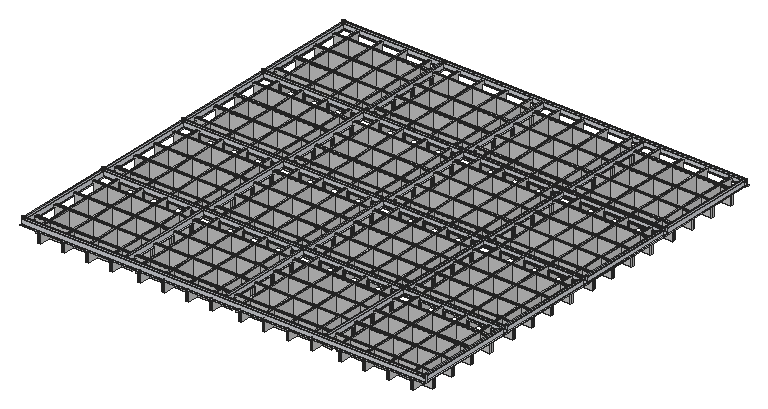
Revit family "GRD-WFL-001_RFA", category Modelos genéricos, Revit 2022 (continued)
Forms (in)
  Extrusion 233, solid, not visible
    sketch origin (0, 24, 0) x (0, 1, 0) y (0, 0, 1)
      loop
        arc (0.44023, 1.66266) -> (0.45258, 1.69248) -> (0.4824, 1.70483) r 0.04217
        line (0.4824, 1.70483) -> (0.52333, 1.70483)
        arc (0.52333, 1.70483) -> (0.54049, 1.71194) -> (0.54761, 1.7291) r 0.02428
        line (0.54761, 1.7291) -> (0.54761, 2.15016) -> (0.45704, 2.24072)
        arc (0.45704, 2.24072) -> (0.44027, 2.24767) -> (0.42351, 2.24072) r 0.02371
        line (0.42351, 2.24072) -> (0.33294, 2.15016) -> (0.33294, 1.7291)
    from 0 to 96.9361
  Extrusion 234, solid, not visible
    sketch origin (0, 48, 0) x (0, 1, 0) y (0, 0, 1)
      loop
        line (0.42221, 1.66259) -> (0.42231, 0.67354)
        arc (0.42231, 0.67354) -> (0.41009, 0.64403) -> (0.38057, 0.6318) r 0.04174
        line (0.38057, 0.6318) -> (-0.00639, 0.6318) -> (-0.00639, 0.59057) -> (0.8874, 0.59057) -> (0.8874, 0.6318) -> (0.49998, 0.6318)
        arc (0.49998, 0.6318) -> (0.47046, 0.64403) -> (0.45824, 0.67354) r 0.04174
        line (0.45824, 0.67354) -> (0.45834, 1.66259)
        arc (0.45834, 1.66259) -> (0.46543, 1.67969) -> (0.48252, 1.68677) r 0.02418
        line (0.48252, 1.68677) -> (0.52252, 1.68677)
        arc (0.52252, 1.68677) -> (0.55303, 1.69941) -> (0.56566, 1.72991) r 0.04314
        line (0.56566, 1.72991) -> (0.56566, 2.14095)
        arc (0.56566, 2.14095) -> (0.5626, 2.15637) -> (0.55386, 2.16944) r 0.04029
        line (0.55386, 2.16944) -> (0.47053, 2.25277)
        arc (0.47053, 2.25277) -> (0.44027, 2.2653) -> (0.41002, 2.25277) r 0.04279
        line (0.41002, 2.25277) -> (0.32669, 2.16944)
        arc (0.32669, 2.16944) -> (0.31795, 2.15637) -> (0.31489, 2.14095) r 0.04029
        line (0.31489, 2.14095) -> (0.31489, 1.72991)
        arc (0.31489, 1.72991) -> (0.32752, 1.69941) -> (0.35803, 1.68677) r 0.04314
        line (0.35803, 1.68677) -> (0.39803, 1.68677)
        arc (0.39803, 1.68677) -> (0.41512, 1.67969) -> (0.42221, 1.66259) r 0.02418
      loop
        arc (0.33294, 1.7291) -> (0.34005, 1.71194) -> (0.35722, 1.70483) r 0.02428
        line (0.35722, 1.70483) -> (0.39815, 1.70483)
        arc (0.39815, 1.70483) -> (0.42797, 1.69248) -> (0.44023, 1.66266) r 0.04217
        arc (0.44023, 1.66266) -> (0.45258, 1.69248) -> (0.4824, 1.70483) r 0.04217
        line (0.4824, 1.70483) -> (0.52333, 1.70483)
        arc (0.52333, 1.70483) -> (0.54049, 1.71194) -> (0.54761, 1.7291) r 0.02428
        line (0.54761, 1.7291) -> (0.54761, 2.15016) -> (0.45704, 2.24072)
        arc (0.45704, 2.24072) -> (0.44027, 2.24767) -> (0.42351, 2.24072) r 0.02371
        line (0.42351, 2.24072) -> (0.33294, 2.15016) -> (0.33294, 1.7291)
    from 0 to 96.9361
  Extrusion 235, solid, not visible
    sketch origin (0, 72, 0) x (0, 1, 0) y (0, 0, 1)
      loop
        line (0.42221, 1.66259) -> (0.42231, 0.67354)
        arc (0.42231, 0.67354) -> (0.41009, 0.64403) -> (0.38057, 0.6318) r 0.04174
        line (0.38057, 0.6318) -> (-0.00639, 0.6318) -> (-0.00639, 0.59057) -> (0.8874, 0.59057) -> (0.8874, 0.6318) -> (0.49998, 0.6318)
        arc (0.49998, 0.6318) -> (0.47046, 0.64403) -> (0.45824, 0.67354) r 0.04174
        line (0.45824, 0.67354) -> (0.45834, 1.66259)
        arc (0.45834, 1.66259) -> (0.46543, 1.67969) -> (0.48252, 1.68677) r 0.02418
        line (0.48252, 1.68677) -> (0.52252, 1.68677)
        arc (0.52252, 1.68677) -> (0.55303, 1.69941) -> (0.56566, 1.72991) r 0.04314
        line (0.56566, 1.72991) -> (0.56566, 2.14095)
        arc (0.56566, 2.14095) -> (0.5626, 2.15637) -> (0.55386, 2.16944) r 0.04029
        line (0.55386, 2.16944) -> (0.47053, 2.25277)
        arc (0.47053, 2.25277) -> (0.44027, 2.2653) -> (0.41002, 2.25277) r 0.04279
        line (0.41002, 2.25277) -> (0.32669, 2.16944)
        arc (0.32669, 2.16944) -> (0.31795, 2.15637) -> (0.31489, 2.14095) r 0.04029
        line (0.31489, 2.14095) -> (0.31489, 1.72991)
        arc (0.31489, 1.72991) -> (0.32752, 1.69941) -> (0.35803, 1.68677) r 0.04314
        line (0.35803, 1.68677) -> (0.39803, 1.68677)
        arc (0.39803, 1.68677) -> (0.41512, 1.67969) -> (0.42221, 1.66259) r 0.02418
      loop
        arc (0.33294, 1.7291) -> (0.34005, 1.71194) -> (0.35722, 1.70483) r 0.02428
        line (0.35722, 1.70483) -> (0.39815, 1.70483)
        arc (0.39815, 1.70483) -> (0.42797, 1.69248) -> (0.44023, 1.66266) r 0.04217
        arc (0.44023, 1.66266) -> (0.45258, 1.69248) -> (0.4824, 1.70483) r 0.04217
        line (0.4824, 1.70483) -> (0.52333, 1.70483)
        arc (0.52333, 1.70483) -> (0.54049, 1.71194) -> (0.54761, 1.7291) r 0.02428
        line (0.54761, 1.7291) -> (0.54761, 2.15016) -> (0.45704, 2.24072)
        arc (0.45704, 2.24072) -> (0.44027, 2.24767) -> (0.42351, 2.24072) r 0.02371
        line (0.42351, 2.24072) -> (0.33294, 2.15016) -> (0.33294, 1.7291)
    from 0 to 96.9361
  Extrusion 236, solid, not visible
    sketch origin (0, 96, 0) x (0, 1, 0) y (0, 0, 1)
      loop
        line (0.42221, 1.66259) -> (0.42231, 0.67354)
        arc (0.42231, 0.67354) -> (0.41009, 0.64403) -> (0.38057, 0.6318) r 0.04174
        line (0.38057, 0.6318) -> (-0.00639, 0.6318) -> (-0.00639, 0.59057) -> (0.8874, 0.59057) -> (0.8874, 0.6318) -> (0.49998, 0.6318)
        arc (0.49998, 0.6318) -> (0.47046, 0.64403) -> (0.45824, 0.67354) r 0.04174
        line (0.45824, 0.67354) -> (0.45834, 1.66259)
        arc (0.45834, 1.66259) -> (0.46543, 1.67969) -> (0.48252, 1.68677) r 0.02418
        line (0.48252, 1.68677) -> (0.52252, 1.68677)
        arc (0.52252, 1.68677) -> (0.55303, 1.69941) -> (0.56566, 1.72991) r 0.04314
        line (0.56566, 1.72991) -> (0.56566, 2.14095)
        arc (0.56566, 2.14095) -> (0.5626, 2.15637) -> (0.55386, 2.16944) r 0.04029
        line (0.55386, 2.16944) -> (0.47053, 2.25277)
        arc (0.47053, 2.25277) -> (0.44027, 2.2653) -> (0.41002, 2.25277) r 0.04279
        line (0.41002, 2.25277) -> (0.32669, 2.16944)
        arc (0.32669, 2.16944) -> (0.31795, 2.15637) -> (0.31489, 2.14095) r 0.04029
        line (0.31489, 2.14095) -> (0.31489, 1.72991)
        arc (0.31489, 1.72991) -> (0.32752, 1.69941) -> (0.35803, 1.68677) r 0.04314
        line (0.35803, 1.68677) -> (0.39803, 1.68677)
        arc (0.39803, 1.68677) -> (0.41512, 1.67969) -> (0.42221, 1.66259) r 0.02418
      loop
        arc (0.33294, 1.7291) -> (0.34005, 1.71194) -> (0.35722, 1.70483) r 0.02428
        line (0.35722, 1.70483) -> (0.39815, 1.70483)
        arc (0.39815, 1.70483) -> (0.42797, 1.69248) -> (0.44023, 1.66266) r 0.04217
        arc (0.44023, 1.66266) -> (0.45258, 1.69248) -> (0.4824, 1.70483) r 0.04217
        line (0.4824, 1.70483) -> (0.52333, 1.70483)
        arc (0.52333, 1.70483) -> (0.54049, 1.71194) -> (0.54761, 1.7291) r 0.02428
        line (0.54761, 1.7291) -> (0.54761, 2.15016) -> (0.45704, 2.24072)
        arc (0.45704, 2.24072) -> (0.44027, 2.24767) -> (0.42351, 2.24072) r 0.02371
        line (0.42351, 2.24072) -> (0.33294, 2.15016) -> (0.33294, 1.7291)
    from 0 to 96.9361
  Extrusion 237, solid, not visible
    sketch origin (48.02754, 154.90856, 0) x (1, 0, 0) y (0, 0, 1)
      loop
        line (0.42221, 1.66259) -> (0.42231, 0.67354)
        arc (0.42231, 0.67354) -> (0.41009, 0.64403) -> (0.38057, 0.6318) r 0.04174
        line (0.38057, 0.6318) -> (-0.00639, 0.6318) -> (-0.00639, 0.59057) -> (0.8874, 0.59057) -> (0.8874, 0.6318) -> (0.49998, 0.6318)
        arc (0.49998, 0.6318) -> (0.47046, 0.64403) -> (0.45824, 0.67354) r 0.04174
        line (0.45824, 0.67354) -> (0.45834, 1.66259)
        arc (0.45834, 1.66259) -> (0.46543, 1.67969) -> (0.48252, 1.68677) r 0.02418
        line (0.48252, 1.68677) -> (0.52252, 1.68677)
        arc (0.52252, 1.68677) -> (0.55303, 1.69941) -> (0.56566, 1.72991) r 0.04314
        line (0.56566, 1.72991) -> (0.56566, 2.14095)
        arc (0.56566, 2.14095) -> (0.5626, 2.15637) -> (0.55386, 2.16944) r 0.04029
        line (0.55386, 2.16944) -> (0.47053, 2.25277)
        arc (0.47053, 2.25277) -> (0.44027, 2.2653) -> (0.41002, 2.25277) r 0.04279
        line (0.41002, 2.25277) -> (0.32669, 2.16944)
        arc (0.32669, 2.16944) -> (0.31795, 2.15637) -> (0.31489, 2.14095) r 0.04029
        line (0.31489, 2.14095) -> (0.31489, 1.72991)
        arc (0.31489, 1.72991) -> (0.32752, 1.69941) -> (0.35803, 1.68677) r 0.04314
        line (0.35803, 1.68677) -> (0.39803, 1.68677)
        arc (0.39803, 1.68677) -> (0.41512, 1.67969) -> (0.42221, 1.66259) r 0.02418
      loop
        arc (0.33294, 1.7291) -> (0.34005, 1.71194) -> (0.35722, 1.70483) r 0.02428
        line (0.35722, 1.70483) -> (0.39815, 1.70483)
        arc (0.39815, 1.70483) -> (0.42797, 1.69248) -> (0.44023, 1.66266) r 0.04217
        arc (0.44023, 1.66266) -> (0.45258, 1.69248) -> (0.4824, 1.70483) r 0.04217
        line (0.4824, 1.70483) -> (0.52333, 1.70483)
        arc (0.52333, 1.70483) -> (0.54049, 1.71194) -> (0.54761, 1.7291) r 0.02428
        line (0.54761, 1.7291) -> (0.54761, 2.15016) -> (0.45704, 2.24072)
        arc (0.45704, 2.24072) -> (0.44027, 2.24767) -> (0.42351, 2.24072) r 0.02371
        line (0.42351, 2.24072) -> (0.33294, 2.15016) -> (0.33294, 1.7291)
    from 58.93614 to 81.99864
  Extrusion 238, solid, not visible
    sketch origin (72.02767, 154.90856, 0) x (1, 0, 0) y (0, 0, 1)
      loop
        line (0.42221, 1.66259) -> (0.42231, 0.67354)
        arc (0.42231, 0.67354) -> (0.41009, 0.64403) -> (0.38057, 0.6318) r 0.04174
        line (0.38057, 0.6318) -> (-0.00639, 0.6318) -> (-0.00639, 0.59057) -> (0.8874, 0.59057) -> (0.8874, 0.6318) -> (0.49998, 0.6318)
        arc (0.49998, 0.6318) -> (0.47046, 0.64403) -> (0.45824, 0.67354) r 0.04174
        line (0.45824, 0.67354) -> (0.45834, 1.66259)
        arc (0.45834, 1.66259) -> (0.46543, 1.67969) -> (0.48252, 1.68677) r 0.02418
        line (0.48252, 1.68677) -> (0.52252, 1.68677)
        arc (0.52252, 1.68677) -> (0.55303, 1.69941) -> (0.56566, 1.72991) r 0.04314
        line (0.56566, 1.72991) -> (0.56566, 2.14095)
        arc (0.56566, 2.14095) -> (0.5626, 2.15637) -> (0.55386, 2.16944) r 0.04029
        line (0.55386, 2.16944) -> (0.47053, 2.25277)
        arc (0.47053, 2.25277) -> (0.44027, 2.2653) -> (0.41002, 2.25277) r 0.04279
        line (0.41002, 2.25277) -> (0.32669, 2.16944)
        arc (0.32669, 2.16944) -> (0.31795, 2.15637) -> (0.31489, 2.14095) r 0.04029
        line (0.31489, 2.14095) -> (0.31489, 1.72991)
        arc (0.31489, 1.72991) -> (0.32752, 1.69941) -> (0.35803, 1.68677) r 0.04314
        line (0.35803, 1.68677) -> (0.39803, 1.68677)
        arc (0.39803, 1.68677) -> (0.41512, 1.67969) -> (0.42221, 1.66259) r 0.02418
      loop
        arc (0.33294, 1.7291) -> (0.34005, 1.71194) -> (0.35722, 1.70483) r 0.02428
        line (0.35722, 1.70483) -> (0.39815, 1.70483)
        arc (0.39815, 1.70483) -> (0.42797, 1.69248) -> (0.44023, 1.66266) r 0.04217
        arc (0.44023, 1.66266) -> (0.45258, 1.69248) -> (0.4824, 1.70483) r 0.04217
        line (0.4824, 1.70483) -> (0.52333, 1.70483)
        arc (0.52333, 1.70483) -> (0.54049, 1.71194) -> (0.54761, 1.7291) r 0.02428
        line (0.54761, 1.7291) -> (0.54761, 2.15016) -> (0.45704, 2.24072)
        arc (0.45704, 2.24072) -> (0.44027, 2.24767) -> (0.42351, 2.24072) r 0.02371
        line (0.42351, 2.24072) -> (0.33294, 2.15016) -> (0.33294, 1.7291)
    from 58.93614 to 81.99864
  Extrusion 239, solid, not visible
    sketch origin (96.02767, 154.90856, 0) x (1, 0, 0) y (0, 0, 1)
      loop
        line (0.42221, 1.66259) -> (0.42231, 0.67354)
        arc (0.42231, 0.67354) -> (0.41009, 0.64403) -> (0.38057, 0.6318) r 0.04174
        line (0.38057, 0.6318) -> (-0.00639, 0.6318) -> (-0.00639, 0.59057) -> (0.8874, 0.59057) -> (0.8874, 0.6318) -> (0.49998, 0.6318)
        arc (0.49998, 0.6318) -> (0.47046, 0.64403) -> (0.45824, 0.67354) r 0.04174
        line (0.45824, 0.67354) -> (0.45834, 1.66259)
        arc (0.45834, 1.66259) -> (0.46543, 1.67969) -> (0.48252, 1.68677) r 0.02418
        line (0.48252, 1.68677) -> (0.52252, 1.68677)
        arc (0.52252, 1.68677) -> (0.55303, 1.69941) -> (0.56566, 1.72991) r 0.04314
        line (0.56566, 1.72991) -> (0.56566, 2.14095)
        arc (0.56566, 2.14095) -> (0.5626, 2.15637) -> (0.55386, 2.16944) r 0.04029
        line (0.55386, 2.16944) -> (0.47053, 2.25277)
        arc (0.47053, 2.25277) -> (0.44027, 2.2653) -> (0.41002, 2.25277) r 0.04279
        line (0.41002, 2.25277) -> (0.32669, 2.16944)
        arc (0.32669, 2.16944) -> (0.31795, 2.15637) -> (0.31489, 2.14095) r 0.04029
        line (0.31489, 2.14095) -> (0.31489, 1.72991)
        arc (0.31489, 1.72991) -> (0.32752, 1.69941) -> (0.35803, 1.68677) r 0.04314
        line (0.35803, 1.68677) -> (0.39803, 1.68677)
        arc (0.39803, 1.68677) -> (0.41512, 1.67969) -> (0.42221, 1.66259) r 0.02418
      loop
        arc (0.33294, 1.7291) -> (0.34005, 1.71194) -> (0.35722, 1.70483) r 0.02428
        line (0.35722, 1.70483) -> (0.39815, 1.70483)
        arc (0.39815, 1.70483) -> (0.42797, 1.69248) -> (0.44023, 1.66266) r 0.04217
        arc (0.44023, 1.66266) -> (0.45258, 1.69248) -> (0.4824, 1.70483) r 0.04217
        line (0.4824, 1.70483) -> (0.52333, 1.70483)
        arc (0.52333, 1.70483) -> (0.54049, 1.71194) -> (0.54761, 1.7291) r 0.02428
        line (0.54761, 1.7291) -> (0.54761, 2.15016) -> (0.45704, 2.24072)
        arc (0.45704, 2.24072) -> (0.44027, 2.24767) -> (0.42351, 2.24072) r 0.02371
        line (0.42351, 2.24072) -> (0.33294, 2.15016) -> (0.33294, 1.7291)
    from 58.93614 to 81.99864
  Extrusion 240, solid, not visible
    sketch origin (24.02767, 154.90856, 0) x (1, 0, 0) y (0, 0, 1)
      loop
        line (0.42221, 1.66259) -> (0.42231, 0.67354)
        arc (0.42231, 0.67354) -> (0.41009, 0.64403) -> (0.38057, 0.6318) r 0.04174
        line (0.38057, 0.6318) -> (-0.00639, 0.6318) -> (-0.00639, 0.59057) -> (0.8874, 0.59057) -> (0.8874, 0.6318) -> (0.49998, 0.6318)
        arc (0.49998, 0.6318) -> (0.47046, 0.64403) -> (0.45824, 0.67354) r 0.04174
        line (0.45824, 0.67354) -> (0.45834, 1.66259)
        arc (0.45834, 1.66259) -> (0.46543, 1.67969) -> (0.48252, 1.68677) r 0.02418
        line (0.48252, 1.68677) -> (0.52252, 1.68677)
        arc (0.52252, 1.68677) -> (0.55303, 1.69941) -> (0.56566, 1.72991) r 0.04314
        line (0.56566, 1.72991) -> (0.56566, 2.14095)
        arc (0.56566, 2.14095) -> (0.5626, 2.15637) -> (0.55386, 2.16944) r 0.04029
        line (0.55386, 2.16944) -> (0.47053, 2.25277)
        arc (0.47053, 2.25277) -> (0.44027, 2.2653) -> (0.41002, 2.25277) r 0.04279
        line (0.41002, 2.25277) -> (0.32669, 2.16944)
        arc (0.32669, 2.16944) -> (0.31795, 2.15637) -> (0.31489, 2.14095) r 0.04029
        line (0.31489, 2.14095) -> (0.31489, 1.72991)
        arc (0.31489, 1.72991) -> (0.32752, 1.69941) -> (0.35803, 1.68677) r 0.04314
        line (0.35803, 1.68677) -> (0.39803, 1.68677)
        arc (0.39803, 1.68677) -> (0.41512, 1.67969) -> (0.42221, 1.66259) r 0.02418
      loop
        arc (0.33294, 1.7291) -> (0.34005, 1.71194) -> (0.35722, 1.70483) r 0.02428
        line (0.35722, 1.70483) -> (0.39815, 1.70483)
        arc (0.39815, 1.70483) -> (0.42797, 1.69248) -> (0.44023, 1.66266) r 0.04217
        arc (0.44023, 1.66266) -> (0.45258, 1.69248) -> (0.4824, 1.70483) r 0.04217
        line (0.4824, 1.70483) -> (0.52333, 1.70483)
        arc (0.52333, 1.70483) -> (0.54049, 1.71194) -> (0.54761, 1.7291) r 0.02428
        line (0.54761, 1.7291) -> (0.54761, 2.15016) -> (0.45704, 2.24072)
        arc (0.45704, 2.24072) -> (0.44027, 2.24767) -> (0.42351, 2.24072) r 0.02371
        line (0.42351, 2.24072) -> (0.33294, 2.15016) -> (0.33294, 1.7291)
    from 58.93614 to 81.99864
  Extrusion 241, solid, not visible
    sketch origin (0.02767, 154.90856, 0) x (1, 0, 0) y (0, 0, 1)
      loop
        line (0.42221, 1.66259) -> (0.42231, 0.67354)
        arc (0.42231, 0.67354) -> (0.41009, 0.64403) -> (0.38057, 0.6318) r 0.04174
        line (0.38057, 0.6318) -> (-0.00639, 0.6318) -> (-0.00639, 0.59057) -> (0.8874, 0.59057) -> (0.8874, 0.6318) -> (0.49998, 0.6318)
        arc (0.49998, 0.6318) -> (0.47046, 0.64403) -> (0.45824, 0.67354) r 0.04174
        line (0.45824, 0.67354) -> (0.45834, 1.66259)
        arc (0.45834, 1.66259) -> (0.46543, 1.67969) -> (0.48252, 1.68677) r 0.02418
        line (0.48252, 1.68677) -> (0.52252, 1.68677)
        arc (0.52252, 1.68677) -> (0.55303, 1.69941) -> (0.56566, 1.72991) r 0.04314
        line (0.56566, 1.72991) -> (0.56566, 2.14095)
        arc (0.56566, 2.14095) -> (0.5626, 2.15637) -> (0.55386, 2.16944) r 0.04029
        line (0.55386, 2.16944) -> (0.47053, 2.25277)
        arc (0.47053, 2.25277) -> (0.44027, 2.2653) -> (0.41002, 2.25277) r 0.04279
        line (0.41002, 2.25277) -> (0.32669, 2.16944)
        arc (0.32669, 2.16944) -> (0.31795, 2.15637) -> (0.31489, 2.14095) r 0.04029
        line (0.31489, 2.14095) -> (0.31489, 1.72991)
        arc (0.31489, 1.72991) -> (0.32752, 1.69941) -> (0.35803, 1.68677) r 0.04314
        line (0.35803, 1.68677) -> (0.39803, 1.68677)
        arc (0.39803, 1.68677) -> (0.41512, 1.67969) -> (0.42221, 1.66259) r 0.02418
      loop
        arc (0.33294, 1.7291) -> (0.34005, 1.71194) -> (0.35722, 1.70483) r 0.02428
        line (0.35722, 1.70483) -> (0.39815, 1.70483)
        arc (0.39815, 1.70483) -> (0.42797, 1.69248) -> (0.44023, 1.66266) r 0.04217
        arc (0.44023, 1.66266) -> (0.45258, 1.69248) -> (0.4824, 1.70483) r 0.04217
        line (0.4824, 1.70483) -> (0.52333, 1.70483)
        arc (0.52333, 1.70483) -> (0.54049, 1.71194) -> (0.54761, 1.7291) r 0.02428
        line (0.54761, 1.7291) -> (0.54761, 2.15016) -> (0.45704, 2.24072)
        arc (0.45704, 2.24072) -> (0.44027, 2.24767) -> (0.42351, 2.24072) r 0.02371
        line (0.42351, 2.24072) -> (0.33294, 2.15016) -> (0.33294, 1.7291)
    from 58.93614 to 81.99864
  Extrusion 242, solid, not visible
    sketch origin (48.02754, 130.90855, 0) x (1, 0, 0) y (0, 0, 1)
      loop
        line (0.42221, 1.66259) -> (0.42231, 0.67354)
        arc (0.42231, 0.67354) -> (0.41009, 0.64403) -> (0.38057, 0.6318) r 0.04174
        line (0.38057, 0.6318) -> (-0.00639, 0.6318) -> (-0.00639, 0.59057) -> (0.8874, 0.59057) -> (0.8874, 0.6318) -> (0.49998, 0.6318)
        arc (0.49998, 0.6318) -> (0.47046, 0.64403) -> (0.45824, 0.67354) r 0.04174
        line (0.45824, 0.67354) -> (0.45834, 1.66259)
        arc (0.45834, 1.66259) -> (0.46543, 1.67969) -> (0.48252, 1.68677) r 0.02418
        line (0.48252, 1.68677) -> (0.52252, 1.68677)
        arc (0.52252, 1.68677) -> (0.55303, 1.69941) -> (0.56566, 1.72991) r 0.04314
        line (0.56566, 1.72991) -> (0.56566, 2.14095)
        arc (0.56566, 2.14095) -> (0.5626, 2.15637) -> (0.55386, 2.16944) r 0.04029
        line (0.55386, 2.16944) -> (0.47053, 2.25277)
        arc (0.47053, 2.25277) -> (0.44027, 2.2653) -> (0.41002, 2.25277) r 0.04279
        line (0.41002, 2.25277) -> (0.32669, 2.16944)
        arc (0.32669, 2.16944) -> (0.31795, 2.15637) -> (0.31489, 2.14095) r 0.04029
        line (0.31489, 2.14095) -> (0.31489, 1.72991)
        arc (0.31489, 1.72991) -> (0.32752, 1.69941) -> (0.35803, 1.68677) r 0.04314
        line (0.35803, 1.68677) -> (0.39803, 1.68677)
        arc (0.39803, 1.68677) -> (0.41512, 1.67969) -> (0.42221, 1.66259) r 0.02418
      loop
        arc (0.33294, 1.7291) -> (0.34005, 1.71194) -> (0.35722, 1.70483) r 0.02428
        line (0.35722, 1.70483) -> (0.39815, 1.70483)
        arc (0.39815, 1.70483) -> (0.42797, 1.69248) -> (0.44023, 1.66266) r 0.04217
        arc (0.44023, 1.66266) -> (0.45258, 1.69248) -> (0.4824, 1.70483) r 0.04217
        line (0.4824, 1.70483) -> (0.52333, 1.70483)
        arc (0.52333, 1.70483) -> (0.54049, 1.71194) -> (0.54761, 1.7291) r 0.02428
        line (0.54761, 1.7291) -> (0.54761, 2.15016) -> (0.45704, 2.24072)
        arc (0.45704, 2.24072) -> (0.44027, 2.24767) -> (0.42351, 2.24072) r 0.02371
        line (0.42351, 2.24072) -> (0.33294, 2.15016) -> (0.33294, 1.7291)
    from 58.93614 to 81.99864
  Extrusion 243, solid, not visible
    sketch origin (72.02767, 130.90855, 0) x (1, 0, 0) y (0, 0, 1)
      loop
        line (0.42221, 1.66259) -> (0.42231, 0.67354)
        arc (0.42231, 0.67354) -> (0.41009, 0.64403) -> (0.38057, 0.6318) r 0.04174
        line (0.38057, 0.6318) -> (-0.00639, 0.6318) -> (-0.00639, 0.59057) -> (0.8874, 0.59057) -> (0.8874, 0.6318) -> (0.49998, 0.6318)
        arc (0.49998, 0.6318) -> (0.47046, 0.64403) -> (0.45824, 0.67354) r 0.04174
        line (0.45824, 0.67354) -> (0.45834, 1.66259)
        arc (0.45834, 1.66259) -> (0.46543, 1.67969) -> (0.48252, 1.68677) r 0.02418
        line (0.48252, 1.68677) -> (0.52252, 1.68677)
        arc (0.52252, 1.68677) -> (0.55303, 1.69941) -> (0.56566, 1.72991) r 0.04314
        line (0.56566, 1.72991) -> (0.56566, 2.14095)
        arc (0.56566, 2.14095) -> (0.5626, 2.15637) -> (0.55386, 2.16944) r 0.04029
        line (0.55386, 2.16944) -> (0.47053, 2.25277)
        arc (0.47053, 2.25277) -> (0.44027, 2.2653) -> (0.41002, 2.25277) r 0.04279
        line (0.41002, 2.25277) -> (0.32669, 2.16944)
        arc (0.32669, 2.16944) -> (0.31795, 2.15637) -> (0.31489, 2.14095) r 0.04029
        line (0.31489, 2.14095) -> (0.31489, 1.72991)
        arc (0.31489, 1.72991) -> (0.32752, 1.69941) -> (0.35803, 1.68677) r 0.04314
        line (0.35803, 1.68677) -> (0.39803, 1.68677)
        arc (0.39803, 1.68677) -> (0.41512, 1.67969) -> (0.42221, 1.66259) r 0.02418
      loop
        arc (0.33294, 1.7291) -> (0.34005, 1.71194) -> (0.35722, 1.70483) r 0.02428
        line (0.35722, 1.70483) -> (0.39815, 1.70483)
        arc (0.39815, 1.70483) -> (0.42797, 1.69248) -> (0.44023, 1.66266) r 0.04217
        arc (0.44023, 1.66266) -> (0.45258, 1.69248) -> (0.4824, 1.70483) r 0.04217
        line (0.4824, 1.70483) -> (0.52333, 1.70483)
        arc (0.52333, 1.70483) -> (0.54049, 1.71194) -> (0.54761, 1.7291) r 0.02428
        line (0.54761, 1.7291) -> (0.54761, 2.15016) -> (0.45704, 2.24072)
        arc (0.45704, 2.24072) -> (0.44027, 2.24767) -> (0.42351, 2.24072) r 0.02371
        line (0.42351, 2.24072) -> (0.33294, 2.15016) -> (0.33294, 1.7291)
    from 58.93614 to 81.99864
  Extrusion 244, solid, not visible
    sketch origin (96.02767, 130.90855, 0) x (1, 0, 0) y (0, 0, 1)
      loop
        line (0.42221, 1.66259) -> (0.42231, 0.67354)
        arc (0.42231, 0.67354) -> (0.41009, 0.64403) -> (0.38057, 0.6318) r 0.04174
        line (0.38057, 0.6318) -> (-0.00639, 0.6318) -> (-0.00639, 0.59057) -> (0.8874, 0.59057) -> (0.8874, 0.6318) -> (0.49998, 0.6318)
        arc (0.49998, 0.6318) -> (0.47046, 0.64403) -> (0.45824, 0.67354) r 0.04174
        line (0.45824, 0.67354) -> (0.45834, 1.66259)
        arc (0.45834, 1.66259) -> (0.46543, 1.67969) -> (0.48252, 1.68677) r 0.02418
        line (0.48252, 1.68677) -> (0.52252, 1.68677)
        arc (0.52252, 1.68677) -> (0.55303, 1.69941) -> (0.56566, 1.72991) r 0.04314
        line (0.56566, 1.72991) -> (0.56566, 2.14095)
        arc (0.56566, 2.14095) -> (0.5626, 2.15637) -> (0.55386, 2.16944) r 0.04029
        line (0.55386, 2.16944) -> (0.47053, 2.25277)
        arc (0.47053, 2.25277) -> (0.44027, 2.2653) -> (0.41002, 2.25277) r 0.04279
        line (0.41002, 2.25277) -> (0.32669, 2.16944)
        arc (0.32669, 2.16944) -> (0.31795, 2.15637) -> (0.31489, 2.14095) r 0.04029
        line (0.31489, 2.14095) -> (0.31489, 1.72991)
        arc (0.31489, 1.72991) -> (0.32752, 1.69941) -> (0.35803, 1.68677) r 0.04314
        line (0.35803, 1.68677) -> (0.39803, 1.68677)
        arc (0.39803, 1.68677) -> (0.41512, 1.67969) -> (0.42221, 1.66259) r 0.02418
      loop
        arc (0.33294, 1.7291) -> (0.34005, 1.71194) -> (0.35722, 1.70483) r 0.02428
        line (0.35722, 1.70483) -> (0.39815, 1.70483)
        arc (0.39815, 1.70483) -> (0.42797, 1.69248) -> (0.44023, 1.66266) r 0.04217
        arc (0.44023, 1.66266) -> (0.45258, 1.69248) -> (0.4824, 1.70483) r 0.04217
        line (0.4824, 1.70483) -> (0.52333, 1.70483)
        arc (0.52333, 1.70483) -> (0.54049, 1.71194) -> (0.54761, 1.7291) r 0.02428
        line (0.54761, 1.7291) -> (0.54761, 2.15016) -> (0.45704, 2.24072)
        arc (0.45704, 2.24072) -> (0.44027, 2.24767) -> (0.42351, 2.24072) r 0.02371
        line (0.42351, 2.24072) -> (0.33294, 2.15016) -> (0.33294, 1.7291)
    from 58.93614 to 81.99864
  Extrusion 245, solid, not visible
    sketch origin (24.02767, 130.90855, 0) x (1, 0, 0) y (0, 0, 1)
      loop
        line (0.42221, 1.66259) -> (0.42231, 0.67354)
        arc (0.42231, 0.67354) -> (0.41009, 0.64403) -> (0.38057, 0.6318) r 0.04174
        line (0.38057, 0.6318) -> (-0.00639, 0.6318) -> (-0.00639, 0.59057) -> (0.8874, 0.59057) -> (0.8874, 0.6318) -> (0.49998, 0.6318)
        arc (0.49998, 0.6318) -> (0.47046, 0.64403) -> (0.45824, 0.67354) r 0.04174
        line (0.45824, 0.67354) -> (0.45834, 1.66259)
        arc (0.45834, 1.66259) -> (0.46543, 1.67969) -> (0.48252, 1.68677) r 0.02418
        line (0.48252, 1.68677) -> (0.52252, 1.68677)
        arc (0.52252, 1.68677) -> (0.55303, 1.69941) -> (0.56566, 1.72991) r 0.04314
        line (0.56566, 1.72991) -> (0.56566, 2.14095)
        arc (0.56566, 2.14095) -> (0.5626, 2.15637) -> (0.55386, 2.16944) r 0.04029
        line (0.55386, 2.16944) -> (0.47053, 2.25277)
        arc (0.47053, 2.25277) -> (0.44027, 2.2653) -> (0.41002, 2.25277) r 0.04279
        line (0.41002, 2.25277) -> (0.32669, 2.16944)
        arc (0.32669, 2.16944) -> (0.31795, 2.15637) -> (0.31489, 2.14095) r 0.04029
        line (0.31489, 2.14095) -> (0.31489, 1.72991)
        arc (0.31489, 1.72991) -> (0.32752, 1.69941) -> (0.35803, 1.68677) r 0.04314
        line (0.35803, 1.68677) -> (0.39803, 1.68677)
        arc (0.39803, 1.68677) -> (0.41512, 1.67969) -> (0.42221, 1.66259) r 0.02418
      loop
        arc (0.33294, 1.7291) -> (0.34005, 1.71194) -> (0.35722, 1.70483) r 0.02428
        line (0.35722, 1.70483) -> (0.39815, 1.70483)
        arc (0.39815, 1.70483) -> (0.42797, 1.69248) -> (0.44023, 1.66266) r 0.04217
        arc (0.44023, 1.66266) -> (0.45258, 1.69248) -> (0.4824, 1.70483) r 0.04217
        line (0.4824, 1.70483) -> (0.52333, 1.70483)
        arc (0.52333, 1.70483) -> (0.54049, 1.71194) -> (0.54761, 1.7291) r 0.02428
        line (0.54761, 1.7291) -> (0.54761, 2.15016) -> (0.45704, 2.24072)
        arc (0.45704, 2.24072) -> (0.44027, 2.24767) -> (0.42351, 2.24072) r 0.02371
        line (0.42351, 2.24072) -> (0.33294, 2.15016) -> (0.33294, 1.7291)
    from 58.93614 to 81.99864
  Extrusion 246, solid, not visible
    sketch origin (0.02767, 130.90855, 0) x (1, 0, 0) y (0, 0, 1)
      loop
        line (0.42221, 1.66259) -> (0.42231, 0.67354)
        arc (0.42231, 0.67354) -> (0.41009, 0.64403) -> (0.38057, 0.6318) r 0.04174
        line (0.38057, 0.6318) -> (-0.00639, 0.6318) -> (-0.00639, 0.59057) -> (0.8874, 0.59057) -> (0.8874, 0.6318) -> (0.49998, 0.6318)
        arc (0.49998, 0.6318) -> (0.47046, 0.64403) -> (0.45824, 0.67354) r 0.04174
        line (0.45824, 0.67354) -> (0.45834, 1.66259)
        arc (0.45834, 1.66259) -> (0.46543, 1.67969) -> (0.48252, 1.68677) r 0.02418
        line (0.48252, 1.68677) -> (0.52252, 1.68677)
        arc (0.52252, 1.68677) -> (0.55303, 1.69941) -> (0.56566, 1.72991) r 0.04314
        line (0.56566, 1.72991) -> (0.56566, 2.14095)
        arc (0.56566, 2.14095) -> (0.5626, 2.15637) -> (0.55386, 2.16944) r 0.04029
        line (0.55386, 2.16944) -> (0.47053, 2.25277)
        arc (0.47053, 2.25277) -> (0.44027, 2.2653) -> (0.41002, 2.25277) r 0.04279
        line (0.41002, 2.25277) -> (0.32669, 2.16944)
        arc (0.32669, 2.16944) -> (0.31795, 2.15637) -> (0.31489, 2.14095) r 0.04029
        line (0.31489, 2.14095) -> (0.31489, 1.72991)
        arc (0.31489, 1.72991) -> (0.32752, 1.69941) -> (0.35803, 1.68677) r 0.04314
        line (0.35803, 1.68677) -> (0.39803, 1.68677)
        arc (0.39803, 1.68677) -> (0.41512, 1.67969) -> (0.42221, 1.66259) r 0.02418
      loop
        arc (0.33294, 1.7291) -> (0.34005, 1.71194) -> (0.35722, 1.70483) r 0.02428
        line (0.35722, 1.70483) -> (0.39815, 1.70483)
        arc (0.39815, 1.70483) -> (0.42797, 1.69248) -> (0.44023, 1.66266) r 0.04217
        arc (0.44023, 1.66266) -> (0.45258, 1.69248) -> (0.4824, 1.70483) r 0.04217
        line (0.4824, 1.70483) -> (0.52333, 1.70483)
        arc (0.52333, 1.70483) -> (0.54049, 1.71194) -> (0.54761, 1.7291) r 0.02428
        line (0.54761, 1.7291) -> (0.54761, 2.15016) -> (0.45704, 2.24072)
        arc (0.45704, 2.24072) -> (0.44027, 2.24767) -> (0.42351, 2.24072) r 0.02371
        line (0.42351, 2.24072) -> (0.33294, 2.15016) -> (0.33294, 1.7291)
    from 58.93614 to 81.99864
  Extrusion 247, solid, not visible
    sketch origin (48.02754, 106.90856, 0) x (1, 0, 0) y (0, 0, 1)
      loop
        line (0.42221, 1.66259) -> (0.42231, 0.67354)
        arc (0.42231, 0.67354) -> (0.41009, 0.64403) -> (0.38057, 0.6318) r 0.04174
        line (0.38057, 0.6318) -> (-0.00639, 0.6318) -> (-0.00639, 0.59057) -> (0.8874, 0.59057) -> (0.8874, 0.6318) -> (0.49998, 0.6318)
        arc (0.49998, 0.6318) -> (0.47046, 0.64403) -> (0.45824, 0.67354) r 0.04174
        line (0.45824, 0.67354) -> (0.45834, 1.66259)
        arc (0.45834, 1.66259) -> (0.46543, 1.67969) -> (0.48252, 1.68677) r 0.02418
        line (0.48252, 1.68677) -> (0.52252, 1.68677)
        arc (0.52252, 1.68677) -> (0.55303, 1.69941) -> (0.56566, 1.72991) r 0.04314
        line (0.56566, 1.72991) -> (0.56566, 2.14095)
        arc (0.56566, 2.14095) -> (0.5626, 2.15637) -> (0.55386, 2.16944) r 0.04029
        line (0.55386, 2.16944) -> (0.47053, 2.25277)
        arc (0.47053, 2.25277) -> (0.44027, 2.2653) -> (0.41002, 2.25277) r 0.04279
        line (0.41002, 2.25277) -> (0.32669, 2.16944)
        arc (0.32669, 2.16944) -> (0.31795, 2.15637) -> (0.31489, 2.14095) r 0.04029
        line (0.31489, 2.14095) -> (0.31489, 1.72991)
        arc (0.31489, 1.72991) -> (0.32752, 1.69941) -> (0.35803, 1.68677) r 0.04314
        line (0.35803, 1.68677) -> (0.39803, 1.68677)
        arc (0.39803, 1.68677) -> (0.41512, 1.67969) -> (0.42221, 1.66259) r 0.02418
      loop
        arc (0.33294, 1.7291) -> (0.34005, 1.71194) -> (0.35722, 1.70483) r 0.02428
        line (0.35722, 1.70483) -> (0.39815, 1.70483)
        arc (0.39815, 1.70483) -> (0.42797, 1.69248) -> (0.44023, 1.66266) r 0.04217
        arc (0.44023, 1.66266) -> (0.45258, 1.69248) -> (0.4824, 1.70483) r 0.04217
        line (0.4824, 1.70483) -> (0.52333, 1.70483)
        arc (0.52333, 1.70483) -> (0.54049, 1.71194) -> (0.54761, 1.7291) r 0.02428
        line (0.54761, 1.7291) -> (0.54761, 2.15016) -> (0.45704, 2.24072)
        arc (0.45704, 2.24072) -> (0.44027, 2.24767) -> (0.42351, 2.24072) r 0.02371
        line (0.42351, 2.24072) -> (0.33294, 2.15016) -> (0.33294, 1.7291)
    from 58.93614 to 81.99864
  Extrusion 248, solid, not visible
    sketch origin (72.02767, 106.90856, 0) x (1, 0, 0) y (0, 0, 1)
      loop
        line (0.42221, 1.66259) -> (0.42231, 0.67354)
        arc (0.42231, 0.67354) -> (0.41009, 0.64403) -> (0.38057, 0.6318) r 0.04174
        line (0.38057, 0.6318) -> (-0.00639, 0.6318) -> (-0.00639, 0.59057) -> (0.8874, 0.59057) -> (0.8874, 0.6318) -> (0.49998, 0.6318)
        arc (0.49998, 0.6318) -> (0.47046, 0.64403) -> (0.45824, 0.67354) r 0.04174
        line (0.45824, 0.67354) -> (0.45834, 1.66259)
        arc (0.45834, 1.66259) -> (0.46543, 1.67969) -> (0.48252, 1.68677) r 0.02418
        line (0.48252, 1.68677) -> (0.52252, 1.68677)
        arc (0.52252, 1.68677) -> (0.55303, 1.69941) -> (0.56566, 1.72991) r 0.04314
        line (0.56566, 1.72991) -> (0.56566, 2.14095)
        arc (0.56566, 2.14095) -> (0.5626, 2.15637) -> (0.55386, 2.16944) r 0.04029
        line (0.55386, 2.16944) -> (0.47053, 2.25277)
        arc (0.47053, 2.25277) -> (0.44027, 2.2653) -> (0.41002, 2.25277) r 0.04279
        line (0.41002, 2.25277) -> (0.32669, 2.16944)
        arc (0.32669, 2.16944) -> (0.31795, 2.15637) -> (0.31489, 2.14095) r 0.04029
        line (0.31489, 2.14095) -> (0.31489, 1.72991)
        arc (0.31489, 1.72991) -> (0.32752, 1.69941) -> (0.35803, 1.68677) r 0.04314
        line (0.35803, 1.68677) -> (0.39803, 1.68677)
        arc (0.39803, 1.68677) -> (0.41512, 1.67969) -> (0.42221, 1.66259) r 0.02418
      loop
        arc (0.33294, 1.7291) -> (0.34005, 1.71194) -> (0.35722, 1.70483) r 0.02428
        line (0.35722, 1.70483) -> (0.39815, 1.70483)
        arc (0.39815, 1.70483) -> (0.42797, 1.69248) -> (0.44023, 1.66266) r 0.04217
        arc (0.44023, 1.66266) -> (0.45258, 1.69248) -> (0.4824, 1.70483) r 0.04217
        line (0.4824, 1.70483) -> (0.52333, 1.70483)
        arc (0.52333, 1.70483) -> (0.54049, 1.71194) -> (0.54761, 1.7291) r 0.02428
        line (0.54761, 1.7291) -> (0.54761, 2.15016) -> (0.45704, 2.24072)
        arc (0.45704, 2.24072) -> (0.44027, 2.24767) -> (0.42351, 2.24072) r 0.02371
        line (0.42351, 2.24072) -> (0.33294, 2.15016) -> (0.33294, 1.7291)
    from 58.93614 to 81.99864
  Extrusion 249, solid, not visible
    sketch origin (96.02767, 106.90856, 0) x (1, 0, 0) y (0, 0, 1)
      loop
        line (0.42221, 1.66259) -> (0.42231, 0.67354)
        arc (0.42231, 0.67354) -> (0.41009, 0.64403) -> (0.38057, 0.6318) r 0.04174
        line (0.38057, 0.6318) -> (-0.00639, 0.6318) -> (-0.00639, 0.59057) -> (0.8874, 0.59057) -> (0.8874, 0.6318) -> (0.49998, 0.6318)
        arc (0.49998, 0.6318) -> (0.47046, 0.64403) -> (0.45824, 0.67354) r 0.04174
        line (0.45824, 0.67354) -> (0.45834, 1.66259)
        arc (0.45834, 1.66259) -> (0.46543, 1.67969) -> (0.48252, 1.68677) r 0.02418
        line (0.48252, 1.68677) -> (0.52252, 1.68677)
        arc (0.52252, 1.68677) -> (0.55303, 1.69941) -> (0.56566, 1.72991) r 0.04314
        line (0.56566, 1.72991) -> (0.56566, 2.14095)
        arc (0.56566, 2.14095) -> (0.5626, 2.15637) -> (0.55386, 2.16944) r 0.04029
        line (0.55386, 2.16944) -> (0.47053, 2.25277)
        arc (0.47053, 2.25277) -> (0.44027, 2.2653) -> (0.41002, 2.25277) r 0.04279
        line (0.41002, 2.25277) -> (0.32669, 2.16944)
        arc (0.32669, 2.16944) -> (0.31795, 2.15637) -> (0.31489, 2.14095) r 0.04029
        line (0.31489, 2.14095) -> (0.31489, 1.72991)
        arc (0.31489, 1.72991) -> (0.32752, 1.69941) -> (0.35803, 1.68677) r 0.04314
        line (0.35803, 1.68677) -> (0.39803, 1.68677)
        arc (0.39803, 1.68677) -> (0.41512, 1.67969) -> (0.42221, 1.66259) r 0.02418
      loop
        arc (0.33294, 1.7291) -> (0.34005, 1.71194) -> (0.35722, 1.70483) r 0.02428
        line (0.35722, 1.70483) -> (0.39815, 1.70483)
        arc (0.39815, 1.70483) -> (0.42797, 1.69248) -> (0.44023, 1.66266) r 0.04217
        arc (0.44023, 1.66266) -> (0.45258, 1.69248) -> (0.4824, 1.70483) r 0.04217
        line (0.4824, 1.70483) -> (0.52333, 1.70483)
        arc (0.52333, 1.70483) -> (0.54049, 1.71194) -> (0.54761, 1.7291) r 0.02428
        line (0.54761, 1.7291) -> (0.54761, 2.15016) -> (0.45704, 2.24072)
        arc (0.45704, 2.24072) -> (0.44027, 2.24767) -> (0.42351, 2.24072) r 0.02371
        line (0.42351, 2.24072) -> (0.33294, 2.15016) -> (0.33294, 1.7291)
    from 58.93614 to 81.99864
  Extrusion 250, solid, not visible
    sketch origin (24.02767, 106.90856, 0) x (1, 0, 0) y (0, 0, 1)
      loop
        line (0.42221, 1.66259) -> (0.42231, 0.67354)
        arc (0.42231, 0.67354) -> (0.41009, 0.64403) -> (0.38057, 0.6318) r 0.04174
        line (0.38057, 0.6318) -> (-0.00639, 0.6318) -> (-0.00639, 0.59057) -> (0.8874, 0.59057) -> (0.8874, 0.6318) -> (0.49998, 0.6318)
        arc (0.49998, 0.6318) -> (0.47046, 0.64403) -> (0.45824, 0.67354) r 0.04174
        line (0.45824, 0.67354) -> (0.45834, 1.66259)
        arc (0.45834, 1.66259) -> (0.46543, 1.67969) -> (0.48252, 1.68677) r 0.02418
        line (0.48252, 1.68677) -> (0.52252, 1.68677)
        arc (0.52252, 1.68677) -> (0.55303, 1.69941) -> (0.56566, 1.72991) r 0.04314
        line (0.56566, 1.72991) -> (0.56566, 2.14095)
        arc (0.56566, 2.14095) -> (0.5626, 2.15637) -> (0.55386, 2.16944) r 0.04029
        line (0.55386, 2.16944) -> (0.47053, 2.25277)
        arc (0.47053, 2.25277) -> (0.44027, 2.2653) -> (0.41002, 2.25277) r 0.04279
        line (0.41002, 2.25277) -> (0.32669, 2.16944)
        arc (0.32669, 2.16944) -> (0.31795, 2.15637) -> (0.31489, 2.14095) r 0.04029
        line (0.31489, 2.14095) -> (0.31489, 1.72991)
        arc (0.31489, 1.72991) -> (0.32752, 1.69941) -> (0.35803, 1.68677) r 0.04314
        line (0.35803, 1.68677) -> (0.39803, 1.68677)
        arc (0.39803, 1.68677) -> (0.41512, 1.67969) -> (0.42221, 1.66259) r 0.02418
      loop
        arc (0.33294, 1.7291) -> (0.34005, 1.71194) -> (0.35722, 1.70483) r 0.02428
        line (0.35722, 1.70483) -> (0.39815, 1.70483)
        arc (0.39815, 1.70483) -> (0.42797, 1.69248) -> (0.44023, 1.66266) r 0.04217
        arc (0.44023, 1.66266) -> (0.45258, 1.69248) -> (0.4824, 1.70483) r 0.04217
        line (0.4824, 1.70483) -> (0.52333, 1.70483)
        arc (0.52333, 1.70483) -> (0.54049, 1.71194) -> (0.54761, 1.7291) r 0.02428
        line (0.54761, 1.7291) -> (0.54761, 2.15016) -> (0.45704, 2.24072)
        arc (0.45704, 2.24072) -> (0.44027, 2.24767) -> (0.42351, 2.24072) r 0.02371
        line (0.42351, 2.24072) -> (0.33294, 2.15016) -> (0.33294, 1.7291)
    from 58.93614 to 81.99864
  Extrusion 251, solid, not visible
    sketch origin (0.02767, 106.90856, 0) x (1, 0, 0) y (0, 0, 1)
      loop
        line (0.42221, 1.66259) -> (0.42231, 0.67354)
        arc (0.42231, 0.67354) -> (0.41009, 0.64403) -> (0.38057, 0.6318) r 0.04174
        line (0.38057, 0.6318) -> (-0.00639, 0.6318) -> (-0.00639, 0.59057) -> (0.8874, 0.59057) -> (0.8874, 0.6318) -> (0.49998, 0.6318)
        arc (0.49998, 0.6318) -> (0.47046, 0.64403) -> (0.45824, 0.67354) r 0.04174
        line (0.45824, 0.67354) -> (0.45834, 1.66259)
        arc (0.45834, 1.66259) -> (0.46543, 1.67969) -> (0.48252, 1.68677) r 0.02418
        line (0.48252, 1.68677) -> (0.52252, 1.68677)
        arc (0.52252, 1.68677) -> (0.55303, 1.69941) -> (0.56566, 1.72991) r 0.04314
        line (0.56566, 1.72991) -> (0.56566, 2.14095)
        arc (0.56566, 2.14095) -> (0.5626, 2.15637) -> (0.55386, 2.16944) r 0.04029
        line (0.55386, 2.16944) -> (0.47053, 2.25277)
        arc (0.47053, 2.25277) -> (0.44027, 2.2653) -> (0.41002, 2.25277) r 0.04279
        line (0.41002, 2.25277) -> (0.32669, 2.16944)
        arc (0.32669, 2.16944) -> (0.31795, 2.15637) -> (0.31489, 2.14095) r 0.04029
        line (0.31489, 2.14095) -> (0.31489, 1.72991)
        arc (0.31489, 1.72991) -> (0.32752, 1.69941) -> (0.35803, 1.68677) r 0.04314
        line (0.35803, 1.68677) -> (0.39803, 1.68677)
        arc (0.39803, 1.68677) -> (0.41512, 1.67969) -> (0.42221, 1.66259) r 0.02418
      loop
        arc (0.33294, 1.7291) -> (0.34005, 1.71194) -> (0.35722, 1.70483) r 0.02428
        line (0.35722, 1.70483) -> (0.39815, 1.70483)
        arc (0.39815, 1.70483) -> (0.42797, 1.69248) -> (0.44023, 1.66266) r 0.04217
        arc (0.44023, 1.66266) -> (0.45258, 1.69248) -> (0.4824, 1.70483) r 0.04217
        line (0.4824, 1.70483) -> (0.52333, 1.70483)
        arc (0.52333, 1.70483) -> (0.54049, 1.71194) -> (0.54761, 1.7291) r 0.02428
        line (0.54761, 1.7291) -> (0.54761, 2.15016) -> (0.45704, 2.24072)
        arc (0.45704, 2.24072) -> (0.44027, 2.24767) -> (0.42351, 2.24072) r 0.02371
        line (0.42351, 2.24072) -> (0.33294, 2.15016) -> (0.33294, 1.7291)
    from 58.93614 to 81.99864
  Extrusion 252, solid, not visible
    sketch origin (48.02754, 82.90856, 0) x (1, 0, 0) y (0, 0, 1)
      loop
        line (0.42221, 1.66259) -> (0.42231, 0.67354)
        arc (0.42231, 0.67354) -> (0.41009, 0.64403) -> (0.38057, 0.6318) r 0.04174
        line (0.38057, 0.6318) -> (-0.00639, 0.6318) -> (-0.00639, 0.59057) -> (0.8874, 0.59057) -> (0.8874, 0.6318) -> (0.49998, 0.6318)
        arc (0.49998, 0.6318) -> (0.47046, 0.64403) -> (0.45824, 0.67354) r 0.04174
        line (0.45824, 0.67354) -> (0.45834, 1.66259)
        arc (0.45834, 1.66259) -> (0.46543, 1.67969) -> (0.48252, 1.68677) r 0.02418
        line (0.48252, 1.68677) -> (0.52252, 1.68677)
        arc (0.52252, 1.68677) -> (0.55303, 1.69941) -> (0.56566, 1.72991) r 0.04314
        line (0.56566, 1.72991) -> (0.56566, 2.14095)
        arc (0.56566, 2.14095) -> (0.5626, 2.15637) -> (0.55386, 2.16944) r 0.04029
        line (0.55386, 2.16944) -> (0.47053, 2.25277)
        arc (0.47053, 2.25277) -> (0.44027, 2.2653) -> (0.41002, 2.25277) r 0.04279
        line (0.41002, 2.25277) -> (0.32669, 2.16944)
        arc (0.32669, 2.16944) -> (0.31795, 2.15637) -> (0.31489, 2.14095) r 0.04029
        line (0.31489, 2.14095) -> (0.31489, 1.72991)
        arc (0.31489, 1.72991) -> (0.32752, 1.69941) -> (0.35803, 1.68677) r 0.04314
        line (0.35803, 1.68677) -> (0.39803, 1.68677)
        arc (0.39803, 1.68677) -> (0.41512, 1.67969) -> (0.42221, 1.66259) r 0.02418
      loop
        arc (0.33294, 1.7291) -> (0.34005, 1.71194) -> (0.35722, 1.70483) r 0.02428
        line (0.35722, 1.70483) -> (0.39815, 1.70483)
        arc (0.39815, 1.70483) -> (0.42797, 1.69248) -> (0.44023, 1.66266) r 0.04217
        arc (0.44023, 1.66266) -> (0.45258, 1.69248) -> (0.4824, 1.70483) r 0.04217
        line (0.4824, 1.70483) -> (0.52333, 1.70483)
        arc (0.52333, 1.70483) -> (0.54049, 1.71194) -> (0.54761, 1.7291) r 0.02428
        line (0.54761, 1.7291) -> (0.54761, 2.15016) -> (0.45704, 2.24072)
        arc (0.45704, 2.24072) -> (0.44027, 2.24767) -> (0.42351, 2.24072) r 0.02371
        line (0.42351, 2.24072) -> (0.33294, 2.15016) -> (0.33294, 1.7291)
    from 58.93614 to 81.99864
  Extrusion 253, solid, not visible
    sketch origin (72.02767, 82.90856, 0) x (1, 0, 0) y (0, 0, 1)
      loop
        line (0.42221, 1.66259) -> (0.42231, 0.67354)
        arc (0.42231, 0.67354) -> (0.41009, 0.64403) -> (0.38057, 0.6318) r 0.04174
        line (0.38057, 0.6318) -> (-0.00639, 0.6318) -> (-0.00639, 0.59057) -> (0.8874, 0.59057) -> (0.8874, 0.6318) -> (0.49998, 0.6318)
        arc (0.49998, 0.6318) -> (0.47046, 0.64403) -> (0.45824, 0.67354) r 0.04174
        line (0.45824, 0.67354) -> (0.45834, 1.66259)
        arc (0.45834, 1.66259) -> (0.46543, 1.67969) -> (0.48252, 1.68677) r 0.02418
        line (0.48252, 1.68677) -> (0.52252, 1.68677)
        arc (0.52252, 1.68677) -> (0.55303, 1.69941) -> (0.56566, 1.72991) r 0.04314
        line (0.56566, 1.72991) -> (0.56566, 2.14095)
        arc (0.56566, 2.14095) -> (0.5626, 2.15637) -> (0.55386, 2.16944) r 0.04029
        line (0.55386, 2.16944) -> (0.47053, 2.25277)
        arc (0.47053, 2.25277) -> (0.44027, 2.2653) -> (0.41002, 2.25277) r 0.04279
        line (0.41002, 2.25277) -> (0.32669, 2.16944)
        arc (0.32669, 2.16944) -> (0.31795, 2.15637) -> (0.31489, 2.14095) r 0.04029
        line (0.31489, 2.14095) -> (0.31489, 1.72991)
        arc (0.31489, 1.72991) -> (0.32752, 1.69941) -> (0.35803, 1.68677) r 0.04314
        line (0.35803, 1.68677) -> (0.39803, 1.68677)
        arc (0.39803, 1.68677) -> (0.41512, 1.67969) -> (0.42221, 1.66259) r 0.02418
      loop
        arc (0.33294, 1.7291) -> (0.34005, 1.71194) -> (0.35722, 1.70483) r 0.02428
        line (0.35722, 1.70483) -> (0.39815, 1.70483)
        arc (0.39815, 1.70483) -> (0.42797, 1.69248) -> (0.44023, 1.66266) r 0.04217
        arc (0.44023, 1.66266) -> (0.45258, 1.69248) -> (0.4824, 1.70483) r 0.04217
        line (0.4824, 1.70483) -> (0.52333, 1.70483)
        arc (0.52333, 1.70483) -> (0.54049, 1.71194) -> (0.54761, 1.7291) r 0.02428
        line (0.54761, 1.7291) -> (0.54761, 2.15016) -> (0.45704, 2.24072)
        arc (0.45704, 2.24072) -> (0.44027, 2.24767) -> (0.42351, 2.24072) r 0.02371
        line (0.42351, 2.24072) -> (0.33294, 2.15016) -> (0.33294, 1.7291)
    from 58.93614 to 81.99864
  Extrusion 254, solid, not visible
    sketch origin (96.02767, 82.90856, 0) x (1, 0, 0) y (0, 0, 1)
      loop
        line (0.42221, 1.66259) -> (0.42231, 0.67354)
        arc (0.42231, 0.67354) -> (0.41009, 0.64403) -> (0.38057, 0.6318) r 0.04174
        line (0.38057, 0.6318) -> (-0.00639, 0.6318) -> (-0.00639, 0.59057) -> (0.8874, 0.59057) -> (0.8874, 0.6318) -> (0.49998, 0.6318)
        arc (0.49998, 0.6318) -> (0.47046, 0.64403) -> (0.45824, 0.67354) r 0.04174
        line (0.45824, 0.67354) -> (0.45834, 1.66259)
        arc (0.45834, 1.66259) -> (0.46543, 1.67969) -> (0.48252, 1.68677) r 0.02418
        line (0.48252, 1.68677) -> (0.52252, 1.68677)
        arc (0.52252, 1.68677) -> (0.55303, 1.69941) -> (0.56566, 1.72991) r 0.04314
        line (0.56566, 1.72991) -> (0.56566, 2.14095)
        arc (0.56566, 2.14095) -> (0.5626, 2.15637) -> (0.55386, 2.16944) r 0.04029
        line (0.55386, 2.16944) -> (0.47053, 2.25277)
        arc (0.47053, 2.25277) -> (0.44027, 2.2653) -> (0.41002, 2.25277) r 0.04279
        line (0.41002, 2.25277) -> (0.32669, 2.16944)
        arc (0.32669, 2.16944) -> (0.31795, 2.15637) -> (0.31489, 2.14095) r 0.04029
        line (0.31489, 2.14095) -> (0.31489, 1.72991)
        arc (0.31489, 1.72991) -> (0.32752, 1.69941) -> (0.35803, 1.68677) r 0.04314
        line (0.35803, 1.68677) -> (0.39803, 1.68677)
        arc (0.39803, 1.68677) -> (0.41512, 1.67969) -> (0.42221, 1.66259) r 0.02418
      loop
        arc (0.33294, 1.7291) -> (0.34005, 1.71194) -> (0.35722, 1.70483) r 0.02428
        line (0.35722, 1.70483) -> (0.39815, 1.70483)
        arc (0.39815, 1.70483) -> (0.42797, 1.69248) -> (0.44023, 1.66266) r 0.04217
        arc (0.44023, 1.66266) -> (0.45258, 1.69248) -> (0.4824, 1.70483) r 0.04217
        line (0.4824, 1.70483) -> (0.52333, 1.70483)
        arc (0.52333, 1.70483) -> (0.54049, 1.71194) -> (0.54761, 1.7291) r 0.02428
        line (0.54761, 1.7291) -> (0.54761, 2.15016) -> (0.45704, 2.24072)
        arc (0.45704, 2.24072) -> (0.44027, 2.24767) -> (0.42351, 2.24072) r 0.02371
        line (0.42351, 2.24072) -> (0.33294, 2.15016) -> (0.33294, 1.7291)
    from 58.93614 to 81.99864
  Extrusion 255, solid, not visible
    sketch origin (24.02767, 82.90856, 0) x (1, 0, 0) y (0, 0, 1)
      loop
        line (0.42221, 1.66259) -> (0.42231, 0.67354)
        arc (0.42231, 0.67354) -> (0.41009, 0.64403) -> (0.38057, 0.6318) r 0.04174
        line (0.38057, 0.6318) -> (-0.00639, 0.6318) -> (-0.00639, 0.59057) -> (0.8874, 0.59057) -> (0.8874, 0.6318) -> (0.49998, 0.6318)
        arc (0.49998, 0.6318) -> (0.47046, 0.64403) -> (0.45824, 0.67354) r 0.04174
        line (0.45824, 0.67354) -> (0.45834, 1.66259)
        arc (0.45834, 1.66259) -> (0.46543, 1.67969) -> (0.48252, 1.68677) r 0.02418
        line (0.48252, 1.68677) -> (0.52252, 1.68677)
        arc (0.52252, 1.68677) -> (0.55303, 1.69941) -> (0.56566, 1.72991) r 0.04314
        line (0.56566, 1.72991) -> (0.56566, 2.14095)
        arc (0.56566, 2.14095) -> (0.5626, 2.15637) -> (0.55386, 2.16944) r 0.04029
        line (0.55386, 2.16944) -> (0.47053, 2.25277)
        arc (0.47053, 2.25277) -> (0.44027, 2.2653) -> (0.41002, 2.25277) r 0.04279
        line (0.41002, 2.25277) -> (0.32669, 2.16944)
        arc (0.32669, 2.16944) -> (0.31795, 2.15637) -> (0.31489, 2.14095) r 0.04029
        line (0.31489, 2.14095) -> (0.31489, 1.72991)
        arc (0.31489, 1.72991) -> (0.32752, 1.69941) -> (0.35803, 1.68677) r 0.04314
        line (0.35803, 1.68677) -> (0.39803, 1.68677)
        arc (0.39803, 1.68677) -> (0.41512, 1.67969) -> (0.42221, 1.66259) r 0.02418
      loop
        arc (0.33294, 1.7291) -> (0.34005, 1.71194) -> (0.35722, 1.70483) r 0.02428
        line (0.35722, 1.70483) -> (0.39815, 1.70483)
        arc (0.39815, 1.70483) -> (0.42797, 1.69248) -> (0.44023, 1.66266) r 0.04217
        arc (0.44023, 1.66266) -> (0.45258, 1.69248) -> (0.4824, 1.70483) r 0.04217
        line (0.4824, 1.70483) -> (0.52333, 1.70483)
        arc (0.52333, 1.70483) -> (0.54049, 1.71194) -> (0.54761, 1.7291) r 0.02428
        line (0.54761, 1.7291) -> (0.54761, 2.15016) -> (0.45704, 2.24072)
        arc (0.45704, 2.24072) -> (0.44027, 2.24767) -> (0.42351, 2.24072) r 0.02371
        line (0.42351, 2.24072) -> (0.33294, 2.15016) -> (0.33294, 1.7291)
    from 58.93614 to 81.99864
  Extrusion 256, solid, not visible
    sketch origin (0.02767, 82.90856, 0) x (1, 0, 0) y (0, 0, 1)
      loop
        line (0.42221, 1.66259) -> (0.42231, 0.67354)
        arc (0.42231, 0.67354) -> (0.41009, 0.64403) -> (0.38057, 0.6318) r 0.04174
        line (0.38057, 0.6318) -> (-0.00639, 0.6318) -> (-0.00639, 0.59057) -> (0.8874, 0.59057) -> (0.8874, 0.6318) -> (0.49998, 0.6318)
        arc (0.49998, 0.6318) -> (0.47046, 0.64403) -> (0.45824, 0.67354) r 0.04174
        line (0.45824, 0.67354) -> (0.45834, 1.66259)
        arc (0.45834, 1.66259) -> (0.46543, 1.67969) -> (0.48252, 1.68677) r 0.02418
        line (0.48252, 1.68677) -> (0.52252, 1.68677)
        arc (0.52252, 1.68677) -> (0.55303, 1.69941) -> (0.56566, 1.72991) r 0.04314
        line (0.56566, 1.72991) -> (0.56566, 2.14095)
        arc (0.56566, 2.14095) -> (0.5626, 2.15637) -> (0.55386, 2.16944) r 0.04029
        line (0.55386, 2.16944) -> (0.47053, 2.25277)
        arc (0.47053, 2.25277) -> (0.44027, 2.2653) -> (0.41002, 2.25277) r 0.04279
        line (0.41002, 2.25277) -> (0.32669, 2.16944)
        arc (0.32669, 2.16944) -> (0.31795, 2.15637) -> (0.31489, 2.14095) r 0.04029
        line (0.31489, 2.14095) -> (0.31489, 1.72991)
        arc (0.31489, 1.72991) -> (0.32752, 1.69941) -> (0.35803, 1.68677) r 0.04314
        line (0.35803, 1.68677) -> (0.39803, 1.68677)
        arc (0.39803, 1.68677) -> (0.41512, 1.67969) -> (0.42221, 1.66259) r 0.02418
      loop
        arc (0.33294, 1.7291) -> (0.34005, 1.71194) -> (0.35722, 1.70483) r 0.02428
        line (0.35722, 1.70483) -> (0.39815, 1.70483)
        arc (0.39815, 1.70483) -> (0.42797, 1.69248) -> (0.44023, 1.66266) r 0.04217
        arc (0.44023, 1.66266) -> (0.45258, 1.69248) -> (0.4824, 1.70483) r 0.04217
        line (0.4824, 1.70483) -> (0.52333, 1.70483)
        arc (0.52333, 1.70483) -> (0.54049, 1.71194) -> (0.54761, 1.7291) r 0.02428
        line (0.54761, 1.7291) -> (0.54761, 2.15016) -> (0.45704, 2.24072)
        arc (0.45704, 2.24072) -> (0.44027, 2.24767) -> (0.42351, 2.24072) r 0.02371
        line (0.42351, 2.24072) -> (0.33294, 2.15016) -> (0.33294, 1.7291)
    from 58.93614 to 81.99864
  Extrusion 257, solid
    sketch origin (0, 0, 0) x (1, 0, 0) y (0, 0, 1)
      loop
        line (0.96881, 0.64538) -> (0.96881, -2.35462) -> (3.48948, -2.35462) -> (3.48948, -0.60462) -> (4.19814, -0.60462) -> (4.19814, -2.35462) -> (9.23948, -2.35462) -> (9.23948, -0.60462) -> (9.94814, -0.60462) -> (9.94814, -2.35462) -> (14.98948, -2.35462) -> (14.98948, -0.60462) -> (15.69814, -0.60462) -> (15.69814, -2.35462) -> (20.73948, -2.35462) -> (20.73948, -0.60462) -> (21.44814, -0.60462) -> (21.44814, -2.35462) -> (23.96881, -2.35462) -> (23.96881, 0.64538) -> (24.28131, 0.64538) -> (24.28131, 1.14538) -> (0.65631, 1.14538) -> (0.65631, 0.64538) -> (0.96881, 0.64538)
    from -3.60908 to -3.49097
  Extrusion 258, solid
    sketch origin (0, 0, 0) x (1, 0, 0) y (0, 0, 1)
      loop
        line (0.96881, 0.64538) -> (0.96881, -2.35462) -> (3.48948, -2.35462) -> (3.48948, -0.60462) -> (4.19814, -0.60462) -> (4.19814, -2.35462) -> (9.23948, -2.35462) -> (9.23948, -0.60462) -> (9.94814, -0.60462) -> (9.94814, -2.35462) -> (14.98948, -2.35462) -> (14.98948, -0.60462) -> (15.69814, -0.60462) -> (15.69814, -2.35462) -> (20.73948, -2.35462) -> (20.73948, -0.60462) -> (21.44814, -0.60462) -> (21.44814, -2.35462) -> (23.96881, -2.35462) -> (23.96881, 0.64538) -> (24.28131, 0.64538) -> (24.28131, 1.14538) -> (0.65631, 1.14538) -> (0.65631, 0.64538) -> (0.96881, 0.64538)
    from -4.08152 to -3.60908
  Extrusion 259, solid
    sketch origin (0, 0, 0) x (1, 0, 0) y (0, 0, 1)
      loop
        line (0.96881, 0.64538) -> (0.96881, -2.35462) -> (3.48948, -2.35462) -> (3.48948, -0.60462) -> (4.19814, -0.60462) -> (4.19814, -2.35462) -> (9.23948, -2.35462) -> (9.23948, -0.60462) -> (9.94814, -0.60462) -> (9.94814, -2.35462) -> (14.98948, -2.35462) -> (14.98948, -0.60462) -> (15.69814, -0.60462) -> (15.69814, -2.35462) -> (20.73948, -2.35462) -> (20.73948, -0.60462) -> (21.44814, -0.60462) -> (21.44814, -2.35462) -> (23.96881, -2.35462) -> (23.96881, 0.64538) -> (24.28131, 0.64538) -> (24.28131, 1.14538) -> (0.65631, 1.14538) -> (0.65631, 0.64538) -> (0.96881, 0.64538)
    from -4.19963 to -4.08152
  Extrusion 260, solid, not visible
    sketch origin (0, 0, 0) x (1, 0, 0) y (0, 0, 1)
      loop
        line (0.96881, 0.64538) -> (0.96881, -2.35462) -> (3.48948, -2.35462) -> (3.48948, -0.60462) -> (4.19814, -0.60462) -> (4.19814, -2.35462) -> (9.23948, -2.35462) -> (9.23948, -0.60462) -> (9.94814, -0.60462) -> (9.94814, -2.35462) -> (14.98948, -2.35462) -> (14.98948, -0.60462) -> (15.69814, -0.60462) -> (15.69814, -2.35462) -> (20.73948, -2.35462) -> (20.73948, -0.60462) -> (21.44814, -0.60462) -> (21.44814, -2.35462) -> (23.96881, -2.35462) -> (23.96881, 0.64538) -> (24.28131, 0.64538) -> (24.28131, 1.14538) -> (0.65631, 1.14538) -> (0.65631, 0.64538) -> (0.96881, 0.64538)
    from -3.60908 to -3.49097
